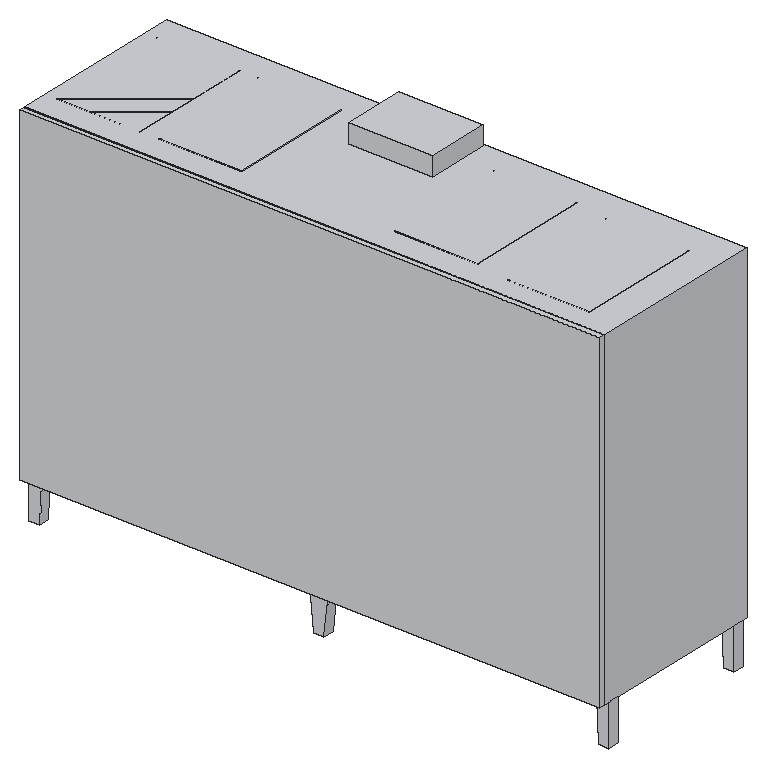
Revit family "AHU 4 _4", category Mechanické zařízení, Revit 2018
Family settings
  Kóta kulaté spojky = Použít průměr
  Typ dílu = Normální
  Číslo OmniClass = 23.75.00.00
  Nadpis OmniClass = Climate Control (HVAC)
  Založené na pracovní rovině = Ne
  Vždy vertikální = Ano
  Ořezat dutým tvarem při načtení = Ne
  Sdílené = Ne
  Bod výpočtu místnosti = Ne
Parameters (values of type "DUPLEXVENT 4500 Multi Eco-V")
  Width [instance] = 0.885 mm
  Weight [instance] = 509.00 kg
  URL = ""
  Type [instance] = "DUPLEXVENT 4500 Multi Eco-V"
  Total_SFP [instance] = 0
  Supply_outlet_hum [instance] = 90
  Supply_inlet_hum [instance] = 90
  Supply_ext_pressure [instance] = 0.0 Pa
  Supply_SFP [instance] = 0
  Source_adu_file [instance] = ""
  Recuperation_type [instance] = "Plate heat recovery exchanger"
  Recuperation_efficiency_EN308 [instance] = 0
  Project_name [instance] = ""
  Project_date [instance] = "10.8.2023"
  Power_supply_fusing [instance] = "0"
  Power_supply_cable [instance] = "0"
  Position [instance] = "AHU 4 "
  Phases_count [instance] = 3
  Panel_thickness [instance] = 0.06 mm
  Outer_surface [instance] = "RAL 9002"
  Length [instance] = 2.8 mm
  Insulation_type [instance] = "PUR"
  Insulation_thickness [instance] = 0.05 mm
  Installation_environment [instance] = ""
  Input_power_max [instance] = 5000 W
  Inner_surface [instance] = "Pozink"
  I2 [instance] = I1  # 0.0 L/s
  Height [instance] = 1.6 mm
  Exhaust_outlet_hum [instance] = 40
  Exhaust_inlet_hum [instance] = 40
  Exhaust_ext_pressure [instance] = 0.0 Pa
  Exhaust_SFP [instance] = 0
  E1 [instance] = E2 - M1  # 0.0 L/s
  E2 [instance] = 0.0 L/s
  I1 [instance] = 0.0 L/s
  Description = ""
  M1 [instance] = 0.0 L/s
  Device_dutypoint_version [instance] = "0"
  Device_design_version [instance] = "9"
  Device_adu_id [instance] = "4"
  Current_max [instance] = 7.6 A
  Casing_mat [instance] = "painted zinc layer"
  Cable type [instance] = "CYKY 5Jx2,5"
Reference planes
  plane 1 "Střed (vpředu/vzadu)": y = 0
  plane 2 "ref": z = 0
  plane 3 "Střed (vlevo/vpravo)": x = 0
Forms (mm)
  Sweep 1, solid
    path origin (0, 0, 0) x (0, 0, 1) y (1, 0, 0)
      loop
        line (0, 0) -> (1600, 0)
    profile origin (0, 0, 0) x (1, 0, 0) y (0, 1, 0)
      loop
        line (0, 0) -> (2800, 0) -> (2800, 855) -> (0, 855) -> (0, 0)
  Sweep 2, solid
    path origin (745, 425, 1599) x (0, 0, 1) y (1, 0, 0)
      loop
        line (0, 0) -> (1, 0)
    profile origin (745, 425, 1599) x (1, 0, 0) y (0, 1, 0)
      loop
        line (-200, -300) -> (200, -300) -> (200, 300) -> (-200, 300) -> (-200, -300)
  Sweep 3, solid
    path origin (2445, 400, 1599) x (0, 0, 1) y (1, 0, 0)
      loop
        line (0, 0) -> (1, 0)
    profile origin (2445, 400, 1599) x (1, 0, 0) y (0, 1, 0)
      loop
        line (-200, -300) -> (200, -300) -> (200, 300) -> (-200, 300) -> (-200, -300)
  Sweep 4, solid
    path origin (1885, 425, 1599) x (0, 0, 1) y (1, 0, 0)
      loop
        line (0, 0) -> (1, 0)
    profile origin (1885, 425, 1599) x (1, 0, 0) y (0, 1, 0)
      loop
        line (-200, -300) -> (200, -300) -> (200, 300) -> (-200, 300) -> (-200, -300)
  Sweep 5, solid
    path origin (255, 425, 1599) x (0, 0, 1) y (1, 0, 0)
      loop
        line (0, 0) -> (1, 0)
    profile origin (255, 425, 1599) x (1, 0, 0) y (0, 1, 0)
      loop
        line (-200, -300) -> (200, -300) -> (200, 300) -> (-200, 300) -> (-200, -300)
  Sweep 6, solid
    path origin (1250, 311, 0) x (0, -1, 0) y (0, 0, 1)
      loop
        line (0, 0) -> (0, -142)
    profile origin (1250, 311, 0) x (-1, 0, 0) y (0, -1, 0)
      loop
        circle (0, 0) r 8
  Sweep 7, solid
    path origin (1258, 311, -150) x (0, 0, -1) y (1, 0, 0)
      loop
        line (0, 0) -> (0, 14)
    profile origin (1258, 311, -150) x (0, 0, 1) y (0, -1, 0)
      loop
        circle (0, 0) r 8
  Sweep 8, solid
    path origin (1280, 311, -142) x (0, -1, 0) y (0, 0, 1)
      loop
        line (0, 0) -> (0, 59)
    profile origin (1280, 311, -142) x (0, 1, 0) y (-1, 0, 0)
      loop
        circle (0, 0) r 8
  Sweep 9, solid
    path origin (1288, 311, -75) x (0, 0, -1) y (1, 0, 0)
      loop
        line (0, 0) -> (0, 22)
    profile origin (1288, 311, -75) x (0, 0, 1) y (0, -1, 0)
      loop
        circle (0, 0) r 8
  Sweep 10, solid
    path origin (1796, 311, 0) x (0, -1, 0) y (0, 0, 1)
      loop
        line (0, 0) -> (0, -142)
    profile origin (1796, 311, 0) x (-1, 0, 0) y (0, -1, 0)
      loop
        circle (0, 0) r 8
  Sweep 11, solid
    path origin (1804, 311, -150) x (0, 0, -1) y (1, 0, 0)
      loop
        line (0, 0) -> (0, 14)
    profile origin (1804, 311, -150) x (0, 0, 1) y (0, -1, 0)
      loop
        circle (0, 0) r 8
  Sweep 12, solid
    path origin (1826, 311, -142) x (0, -1, 0) y (0, 0, 1)
      loop
        line (0, 0) -> (0, 59)
    profile origin (1826, 311, -142) x (0, 1, 0) y (-1, 0, 0)
      loop
        circle (0, 0) r 8
  Sweep 13, solid
    path origin (1834, 311, -75) x (0, 0, -1) y (1, 0, 0)
      loop
        line (0, 0) -> (0, 22)
    profile origin (1834, 311, -75) x (0, 0, 1) y (0, -1, 0)
      loop
        circle (0, 0) r 8
  Sweep 14, solid
    path origin (0, 0, 0) x (0, 0, 1) y (1, 0, 0)
      loop
        line (0, 0) -> (1600, 0)
    profile origin (0, 0, 0) x (1, 0, 0) y (0, 1, 0)
      loop
        line (0, -30) -> (2800, -30) -> (2800, -5) -> (0, -5) -> (0, -30)
  Sweep 15, solid
    path origin (25, 75, 0) x (1, 0, 0) y (0, 1, 0)
      loop
        line (0, 0) -> (0, -50)
    profile origin (25, 75, 0) x (1, 0, 0) y (0, 0, 1)
      loop
        line (-25, 0) -> (-25, -200) -> (25, -200) -> (35, 0) -> (-25, 0)
  Sweep 16, solid
    path origin (2775, 75, 0) x (1, 0, 0) y (0, 1, 0)
      loop
        line (0, 0) -> (0, -50)
    profile origin (2775, 75, 0) x (1, 0, 0) y (0, 0, 1)
      loop
        line (-35, 0) -> (-25, -200) -> (25, -200) -> (25, 0) -> (-35, 0)
  Sweep 17, solid
    path origin (25, 830, 0) x (1, 0, 0) y (0, 1, 0)
      loop
        line (0, 0) -> (0, -50)
    profile origin (25, 830, 0) x (1, 0, 0) y (0, 0, 1)
      loop
        line (-25, 0) -> (-25, -200) -> (25, -200) -> (35, 0) -> (-25, 0)
  Sweep 18, solid
    path origin (2775, 830, 0) x (1, 0, 0) y (0, 1, 0)
      loop
        line (0, 0) -> (0, -50)
    profile origin (2775, 830, 0) x (1, 0, 0) y (0, 0, 1)
      loop
        line (-35, 0) -> (-25, -200) -> (25, -200) -> (25, 0) -> (-35, 0)
  Sweep 19, solid
    path origin (1400, 75, 0) x (1, 0, 0) y (0, 1, 0)
      loop
        line (0, 0) -> (0, -50)
    profile origin (1400, 75, 0) x (1, 0, 0) y (0, 0, 1)
      loop
        line (-45, 0) -> (-25, -200) -> (25, -200) -> (45, 0) -> (-45, 0)
  Sweep 20, solid
    path origin (1400, 830, 0) x (1, 0, 0) y (0, 1, 0)
      loop
        line (0, 0) -> (0, -50)
    profile origin (1400, 830, 0) x (1, 0, 0) y (0, 0, 1)
      loop
        line (-45, 0) -> (-25, -200) -> (25, -200) -> (45, 0) -> (-45, 0)
  Sweep 21, solid
    path origin (0, 0, 1600) x (0, 0, 1) y (1, 0, 0)
      loop
        line (0, 0) -> (90, 0)
    profile origin (0, 0, 1600) x (1, 0, 0) y (0, 1, 0)
      loop
        line (1130, 540) -> (1535, 540) -> (1535, 845) -> (1130, 845) -> (1130, 540)
  Sweep 22, solid
    path origin (1130, 693, 1645) x (0, 0, -1) y (1, 0, 0)
      loop
        line (0, 0) -> (0, -1)
    profile origin (1130, 693, 1645) x (0, 0, -1) y (0, -1, 0)
      loop
        circle (0, 0) r 10
Lines and regions (mm)
  model lines, style "Symbol"
    curve 1: line (1400, -30, 1600) -> (1400, -30, 960)
    curve 2: line (700, -30, 1600) -> (700, -30, 480)
    curve 3: line (700, -30, 480) -> (920, -30, 480)
    curve 4: line (2100, -30, 1600) -> (2100, -30, 480)
    curve 5: line (2100, -30, 480) -> (1880, -30, 480)
    curve 6: line (920, -30, 480) -> (1160, -30, 960)
    curve 7: line (1160, -30, 960) -> (1640, -30, 960)
    curve 8: line (1640, -30, 960) -> (1880, -30, 480)
    curve 9: line (1880, -30, 480) -> (1640, -30, 0)
    curve 10: line (1640, -30, 0) -> (1400, -30, 0)
    curve 11: line (1400, -30, 0) -> (1160, -30, 0)
    curve 12: line (1160, -30, 0) -> (920, -30, 480)
    curve 13: line (2308, -30, 1140) -> (2362, -30, 1460)
    curve 14: line (2592, -30, 1140) -> (2538, -30, 1460)
    curve 15: line (208, -30, 1140) -> (262, -30, 1460)
    curve 16: line (492, -30, 1140) -> (438, -30, 1460)
    curve 17: line (770, -30, 1280) -> (1330, -30, 1280)
    curve 18: line (1330, -30, 1280) -> (1330, -30, 1120)
    curve 19: line (1330, -30, 1120) -> (770, -30, 1120)
    curve 20: line (770, -30, 1120) -> (770, -30, 1280)
    curve 21: line (770, -30, 1200) -> (1050, -30, 1120)
    curve 22: line (1330, -30, 1200) -> (1050, -30, 1120)
    curve 23: line (1470, -30, 1280) -> (2030, -30, 1280)
    curve 24: line (2030, -30, 1280) -> (2030, -30, 1120)
    curve 25: line (2030, -30, 1120) -> (1470, -30, 1120)
    curve 26: line (1470, -30, 1120) -> (1470, -30, 1280)
    curve 27: line (1470, -30, 1200) -> (1750, -30, 1120)
    curve 28: line (2030, -30, 1200) -> (1750, -30, 1120)
    curve 29: line (797, -30, 554) -> (1015, -30, 982)
    curve 30: line (1015, -30, 982) -> (1139, -30, 918)
    curve 31: line (1139, -30, 918) -> (921, -30, 490)
    curve 32: line (921, -30, 490) -> (797, -30, 554)
    curve 33: line (936, -30, 797) -> (1087, -30, 846)
    curve 34: line (849, -30, 626) -> (1000, -30, 675)
    curve 35: line (0, 855, -200) -> (0, 855, 0)
    curve 36: line (2800, 855, -200) -> (2800, 855, 0)
    curve 37: line (0, 855, -200) -> (2800, 855, -200)
    curve 38: line (0, 0, -200) -> (0, 0, 0)
    curve 39: line (2800, 0, -200) -> (2800, 0, 0)
    curve 40: line (0, 0, -200) -> (2800, 0, -200)
    curve 41: line (0, 855, -200) -> (0, 0, -200)
    curve 42: line (2800, 855, -200) -> (2800, 0, -200)
    curve 43: line (0, 200, -200) -> (200, 0, -200)
    curve 44: line (0, 400, -200) -> (400, 0, -200)
    curve 45: line (0, 600, -200) -> (600, 0, -200)
    curve 46: line (0, 800, -200) -> (800, 0, -200)
    curve 47: line (145, 855, -200) -> (1000, 0, -200)
    curve 48: line (345, 855, -200) -> (1200, 0, -200)
    curve 49: line (545, 855, -200) -> (1400, 0, -200)
    curve 50: line (745, 855, -200) -> (1600, 0, -200)
    curve 51: line (945, 855, -200) -> (1800, 0, -200)
    curve 52: line (1145, 855, -200) -> (2000, 0, -200)
    curve 53: line (1345, 855, -200) -> (2200, 0, -200)
    curve 54: line (1545, 855, -200) -> (2400, 0, -200)
    curve 55: line (1745, 855, -200) -> (2600, 0, -200)
    curve 56: line (1945, 855, -200) -> (2800, 0, -200)
    curve 57: line (2145, 855, -200) -> (2800, 200, -200)
    curve 58: line (2345, 855, -200) -> (2800, 400, -200)
    curve 59: line (2545, 855, -200) -> (2800, 600, -200)
    curve 60: line (2745, 855, -200) -> (2800, 800, -200)
    curve 61: line (2800, 200, -200) -> (2800, 0, 0)
    curve 62: line (2800, 400, -200) -> (2800, 200, 0)
    curve 63: line (2800, 600, -200) -> (2800, 400, 0)
    curve 64: line (2800, 800, -200) -> (2800, 600, 0)
    curve 65: line (2800, 855, -55) -> (2800, 800, 0)
    curve 66: line (0, 0, 0) -> (200, 0, -200)
    curve 67: line (200, 0, 0) -> (400, 0, -200)
    curve 68: line (400, 0, 0) -> (600, 0, -200)
    curve 69: line (600, 0, 0) -> (800, 0, -200)
    curve 70: line (800, 0, 0) -> (1000, 0, -200)
    curve 71: line (1000, 0, 0) -> (1200, 0, -200)
    curve 72: line (1200, 0, 0) -> (1400, 0, -200)
    curve 73: line (1400, 0, 0) -> (1600, 0, -200)
    curve 74: line (1600, 0, 0) -> (1800, 0, -200)
    curve 75: line (1800, 0, 0) -> (2000, 0, -200)
    curve 76: line (2000, 0, 0) -> (2200, 0, -200)
    curve 77: line (2200, 0, 0) -> (2400, 0, -200)
    curve 78: line (2400, 0, 0) -> (2600, 0, -200)
    curve 79: line (2600, 0, 0) -> (2800, 0, -200)
    curve 80: line (0, 0, 2180) -> (0, 0, 1600)
    curve 81: line (2800, 0, 2180) -> (2800, 0, 1600)
    curve 82: line (0, 0, 2180) -> (2800, 0, 2180)
    curve 83: line (0, 855, 2180) -> (0, 855, 1600)
    curve 84: line (2800, 855, 2180) -> (2800, 855, 1600)
    curve 85: line (0, 855, 2180) -> (2800, 855, 2180)
    curve 86: line (0, 0, 2180) -> (0, 855, 2180)
    curve 87: line (2800, 0, 2180) -> (2800, 855, 2180)
    curve 88: line (0, 655, 2180) -> (200, 855, 2180)
    curve 89: line (0, 455, 2180) -> (400, 855, 2180)
    curve 90: line (0, 255, 2180) -> (600, 855, 2180)
    curve 91: line (0, 55, 2180) -> (800, 855, 2180)
    curve 92: line (145, 0, 2180) -> (1000, 855, 2180)
    curve 93: line (345, 0, 2180) -> (1200, 855, 2180)
    curve 94: line (545, 0, 2180) -> (1400, 855, 2180)
    curve 95: line (745, 0, 2180) -> (1600, 855, 2180)
    curve 96: line (945, 0, 2180) -> (1800, 855, 2180)
    curve 97: line (1145, 0, 2180) -> (2000, 855, 2180)
    curve 98: line (1345, 0, 2180) -> (2200, 855, 2180)
    curve 99: line (1545, 0, 2180) -> (2400, 855, 2180)
    curve 100: line (1745, 0, 2180) -> (2600, 855, 2180)
    curve 101: line (1945, 0, 2180) -> (2800, 855, 2180)
    curve 102: line (2145, 0, 2180) -> (2800, 655, 2180)
    curve 103: line (2345, 0, 2180) -> (2800, 455, 2180)
    curve 104: line (2545, 0, 2180) -> (2800, 255, 2180)
    curve 105: line (2745, 0, 2180) -> (2800, 55, 2180)
    curve 106: line (2800, 655, 2180) -> (2800, 855, 1980)
    curve 107: line (2800, 455, 2180) -> (2800, 855, 1780)
    curve 108: line (2800, 255, 2180) -> (2800, 835, 1600)
    curve 109: line (2800, 55, 2180) -> (2800, 635, 1600)
    curve 110: line (2800, 0, 2035) -> (2800, 435, 1600)
    curve 111: line (2800, 0, 1835) -> (2800, 235, 1600)
    curve 112: line (2800, 0, 1635) -> (2800, 35, 1600)
    curve 113: line (0, 855, 1980) -> (200, 855, 2180)
    curve 114: line (0, 855, 1780) -> (400, 855, 2180)
    curve 115: line (20, 855, 1600) -> (600, 855, 2180)
    curve 116: line (220, 855, 1600) -> (800, 855, 2180)
    curve 117: line (420, 855, 1600) -> (1000, 855, 2180)
    curve 118: line (620, 855, 1600) -> (1200, 855, 2180)
    curve 119: line (820, 855, 1600) -> (1400, 855, 2180)
    curve 120: line (1020, 855, 1600) -> (1600, 855, 2180)
    curve 121: line (1220, 855, 1600) -> (1800, 855, 2180)
    curve 122: line (1420, 855, 1600) -> (2000, 855, 2180)
    curve 123: line (1620, 855, 1600) -> (2200, 855, 2180)
    curve 124: line (1820, 855, 1600) -> (2400, 855, 2180)
    curve 125: line (2020, 855, 1600) -> (2600, 855, 2180)
    curve 126: line (2220, 855, 1600) -> (2800, 855, 2180)
    curve 127: line (2420, 855, 1600) -> (2800, 855, 1980)
    curve 128: line (2620, 855, 1600) -> (2800, 855, 1780)
    curve 129: line (0, -30, 0) -> (0, -30, 1600)
    curve 130: line (0, -30, 1600) -> (1120, -30, 1600)
    curve 131: line (1120, -30, 1600) -> (1120, -30, 0)
    curve 132: line (1120, -30, 0) -> (0, -30, 0)
    curve 133: line (1680, -30, 0) -> (1680, -30, 1600)
    curve 134: line (1680, -30, 1600) -> (2800, -30, 1600)
    curve 135: line (2800, -30, 1600) -> (2800, -30, 0)
    curve 136: line (2800, -30, 0) -> (1680, -30, 0)
    curve 137: line (0, -30, 0) -> (2800, -30, 0)
    curve 138: line (0, -30, 1600) -> (2800, -30, 1600)
    curve 139: line (0, -30, 0) -> (0, -30, 1600)
    curve 140: line (2800, -30, 0) -> (2800, -30, 1600)
    curve 141: line (0, -30, 0) -> (0, -5, 0)
    curve 142: line (2800, -30, 0) -> (2800, -5, 0)
    curve 143: line (0, -30, 1600) -> (0, -5, 1600)
    curve 144: line (2800, -30, 1600) -> (2800, -5, 1600)
    curve 145: circle (2450, -30, 1280) r 200 normal (0, -1, 0)
    curve 146: circle (350, -30, 1280) r 200 normal (0, -1, 0)
    curve 147: circle (1012, -30, 822) r 21 normal (0, -1, 0)
    curve 148: circle (924, -30, 650) r 21 normal (0, -1, 0)
    curve 149: circle (1250, 311, 0) r 8 normal (0, 0, -1)
    curve 150: circle (1250, 311, -142) r 8 normal (0, 0, -1)
    curve 151: circle (1796, 311, 0) r 8 normal (0, 0, -1)
    curve 152: circle (1796, 311, -142) r 8 normal (0, 0, -1)
Dimensions and locks
  aligned and locked: level to plane 2 "ref"
Connectors
  hvac at (745, 425, 1600), driven by "E1"
    settings: on Sweep 2, index 1, duct flow 0.0 L/s, flow factor 0, pres drop 0.0 Pa, loss coef 0, conn angle 0.00°, conn width 600 mm, conn height 400 mm, conn diameter 609.6 mm, duct sys type 1, conn prof type 1, flow config 1, flow direction 1, loss method 0, conn ref index -1, conn util no, is conn primary yes, conn desc ""
  hvac at (2445, 400, 1600), driven by "E2"
    settings: on Sweep 3, index 2, duct flow 0.0 L/s, flow factor 1, pres drop 0.0 Pa, loss coef 0, conn angle 0.00°, conn width 600 mm, conn height 400 mm, conn diameter 609.6 mm, duct sys type 1, conn prof type 1, flow config 2, flow direction 2, loss method 0, conn ref index -1, conn util no, is conn primary no, conn desc ""
  hvac at (1885, 425, 1600), driven by "I1"
    settings: on Sweep 4, index 3, duct flow 0.0 L/s, flow factor 1, pres drop 0.0 Pa, loss coef 0, conn angle 0.00°, conn width 600 mm, conn height 400 mm, conn diameter 609.6 mm, duct sys type 3, conn prof type 1, flow config 2, flow direction 1, loss method 0, conn ref index -1, conn util no, is conn primary no, conn desc ""
  hvac at (255, 425, 1600), driven by "I2"
    settings: on Sweep 5, index 4, duct flow 0.0 L/s, flow factor 0, pres drop 0.0 Pa, loss coef 0, conn angle 0.00°, conn width 600 mm, conn height 400 mm, conn diameter 609.6 mm, duct sys type 3, conn prof type 1, flow config 1, flow direction 2, loss method 0, conn ref index -1, conn util no, is conn primary no, conn desc ""
  piping at (1310, 311, -75), diameter 40
    settings: on Sweep 9, index 5, connector inside diameter 609.6 mm, connector length 0 mm, flow factor 0, pipe flow 0.0 L/s, pressure drop 0.0 Pa, fitting loss kfactor 0, connector angle 0.00°, fixture units 0, engagement length 0 mm, angle of deflection 0.00°, flow configuration 1, flow direction 2, fitting loss method 0, system type 16, joint type 0, gender type 0, connector reference index -1, connector utility 0, adjustable connector no, is connector primary yes, connector description ""
  piping at (1856, 311, -75), diameter 40
    settings: on Sweep 13, index 6, connector inside diameter 609.6 mm, connector length 0 mm, flow factor 0, pipe flow 0.0 L/s, pressure drop 0.0 Pa, fitting loss kfactor 0, connector angle 0.00°, fixture units 0, engagement length 0 mm, angle of deflection 0.00°, flow configuration 1, flow direction 2, fitting loss method 0, system type 16, joint type 0, gender type 0, connector reference index -1, connector utility 0, adjustable connector no, is connector primary no, connector description ""
  electrical at (1129, 693, 1645)
    settings: on Sweep 22, index 7, voltage 400 V, apparent load 0 VA, apparent load phase1 0 VA, apparent load phase2 0 VA, apparent load phase3 0 VA, power factor 1, load classification "Další", number of poles 3, system type 31, power factor state 1, is connector primary yes, connector utility no, sub classification motor no, connector description ""
